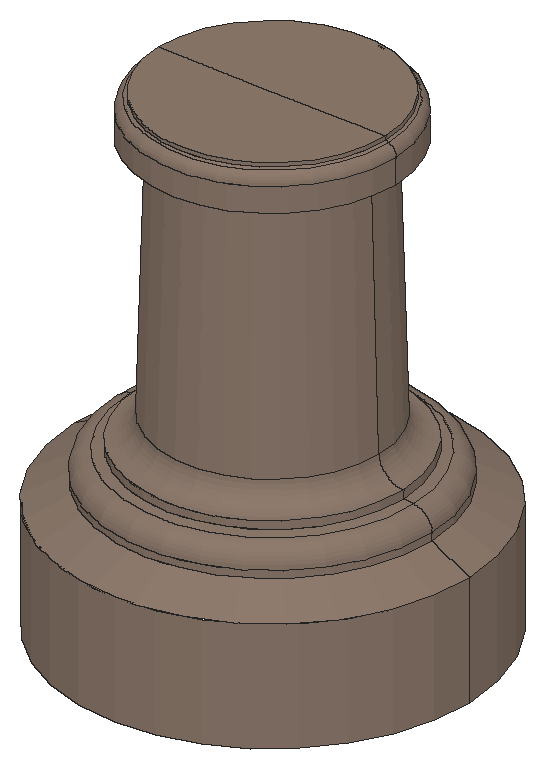
Revit family "CB4400", category Generic Models, Revit 2014
Parameters
  BASE = Bronze, Architectural
Reference planes (in)
  plane 1 "Center (Front/Back)": y = 0
  plane 2: z = 0
  plane 3 "Center (Left/Right)": x = 0
Forms (in)
  Revolve 1, solid, material "Bronze, Architectural" <- "BASE"
    sketch origin (0, 0, 0) x (1, 0, 0) y (0, 0, 1)
      loop
        line (-5, 4.125) -> (-6.1875, 3.5) -> (-6.1875, 0) -> (0, 0) -> (0, 15) -> (-3.5625, 15) -> (-3.5625, 14.8875) -> (-3.65934, 14.84204)
        arc (-3.65934, 14.84204) -> (-3.81653, 14.70366) -> (-3.875, 14.50258) r 0.375
        line (-3.875, 14.50258) -> (-3.875, 13.75) -> (-3.38246, 13.75)
        arc (-3.38246, 13.75) -> (-3.20561, 13.67675) -> (-3.13236, 13.49989) r 0.25011
        line (-3.13236, 13.49989) -> (-3.35358, 5.98194)
        arc (-3.35358, 5.98194) -> (-3.58862, 5.4583) -> (-4.125, 5.254) r 0.75032
        line (-4.125, 5.254) -> (-4.125, 5.004) -> (-4.45403, 4.96206)
        arc (-4.45403, 4.96206) -> (-4.84809, 4.75869) -> (-5, 4.34208) r 0.60945
        line (-5, 4.34208) -> (-5, 4.125)
      axis (0, 15) -> (0, 0)
    angle from 0 to 360
Dimensions and locks (in)
  aligned and locked: plane 2 to level
